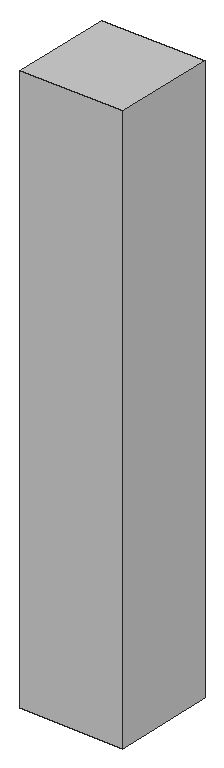
Revit family
Parameters (values of type "450 x 450")
  b = 450 mm
  기둥 재료 [instance] = 콘크리트 - 현장타설 콘크리트
Types (5, lengths in mm): name | b
  (no name) | 450
  300 x 300 | 300
  450 x 450 | 450
  600 x 600 | 600
  750 x 750 | 750
Reference planes
  plane 1 "중심(앞/뒤)": y = 0
  plane 2: z = 0
  plane 3 "중심(왼쪽/오른쪽)": x = 0
  plane 4: x = -225
  plane 5: x = 225
  plane 6: y = 225
  plane 7: y = -225
Forms (mm)
  Extrusion 1, solid, material "콘크리트 - 현장타설 콘크리트" <- "기둥 재료"
    sketch origin (0, 0, 0) x (1, 0, 0) y (0, 1, 0)
      loop
        line (-225, 225) -> (-225, -225) -> (225, -225) -> (225, 225) -> (-225, 225)
    from 0 to 2500
Dimensions and locks
  equal spacing: plane 4, plane 3 "중심(왼쪽/오른쪽)", plane 5
  equal spacing: plane 7, plane 1 "중심(앞/뒤)", plane 6
  "b": plane 7 to plane 6
  "b": plane 4 to plane 5
  aligned and locked: plane 6 to Extrusion 1 sketch curve
  aligned and locked: Extrusion 1 sketch curve to plane 7
  aligned and locked: Extrusion 1 sketch curve to plane 4
  aligned and locked: plane 5 to Extrusion 1 sketch curve
  aligned and locked: level to Extrusion 1
  aligned and locked: level to plane 2
  aligned and locked: Extrusion 1 to plane 2
